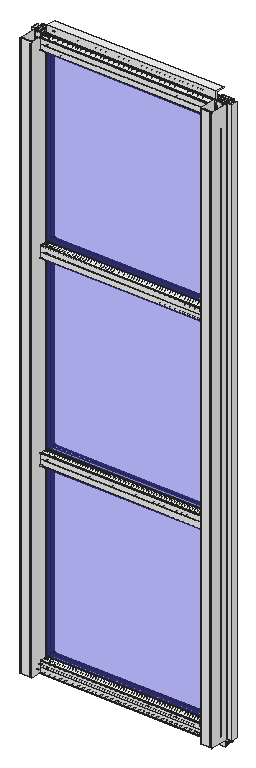
Revit family "Facade_60_Curtain_Wall_E13_Custom", category Windows, host Wall, Revit 2014
Parameters (values of type "F60-E13-Custom")
  Windload Design [instance] = if(Custom Windload < 1001 mm, 1000 mm, if(Custom Windload < 1501 mm, 1500 mm, 2000 mm))  # 1000 mm
  Width [instance] = if(Custom Curtain Wall Width < Limit Door Width Min, Limit Door Width Min, if(Custom Curtain Wall Width > Limit Door Width Max, Limit Door Width Max, Custom Curtain Wall Width))  # 1000 mm
  Wall Thickness [instance] = 200 mm
  Vertical Profile Length [instance] = Height - Frame Bottom Gap  # 2970 mm
  URL = "http://www.crealco.co.za/crealco-products.php"
  Type Comments = ""
  Thermal Resistance (R) [instance] = if(IGDB or SAGDB Number = 100100, 1.0000 (m²·K)/W / Intruderprufe U Value, if(IGDB or SAGDB Number = 100100, 1.0000 (m²·K)/W / Intruderprufe U Value, if(IGDB or SAGDB Number = 105003, 1.0000 (m²·K)/W / Intruderprufe Insulated U Value, if(IGDB or SAGDB Number = 105004, 1.0000 (m²·K)/W / Intruderprufe Insulated LowE U Value, 1.0000 (m²·K)/W / 7.9)))) * 1  # 0.126582 (m²·K)/W
  Thermal Break Material = Plastic, Opaque Black
  Solar Heat Gain Coefficient [instance] = if(IGDB or SAGDB Number = 100100, Intruderprufe SHGC Value, if(IGDB or SAGDB Number = 103200, Intruderprufe LowE SHGC Value, if(IGDB or SAGDB Number = 105003, Intruderprufe Insulated SHGC Value, if(IGDB or SAGDB Number = 105004, Intruderprufe Insulated LowE SHGC Value, 0))))  # 0
  Single Glazing [instance] = if(DG Forced, 1 = 0, not(Double Glazing))  # no
  Sill Height = 85 mm  # constant formula
  SG Forced [instance] = not(DG Forced)  # no
  Quarter Expansion Break = yes
  Overall Width [instance] = 1000 mm
  Overall Height [instance] = 3000 mm
  Mullion Configuration = 1 mm  # constant formula
  Model = "Facade 60"
  Transom Vertical Spacing [instance] = (Height - Frame Bottom Gap - (4 mm * 60)) / 3  # 910 mm
  Mid Glazing Bottom Gap [instance] = Frame Bottom Gap + 60 mm + Transom Vertical Spacing + 39.8 mm  # 1039.8 mm
  Max System DG Unit Thickness = 25 mm  # constant formula
  Max System DG One Piece Thickness [instance] = rounddown((Max System DG Unit Thickness - DG Gasket Thickness) / 2 mm) * 1 mm  # 6 mm
  Max Pane Area [instance] = Glazing Width * Glazing Height  # 0.874748 m²
  Manufacturer = "Crealco"
  Limit Door Width Min = Limit Panel Width Min + (2 * Glazing Side Gap)  # 379.6 mm
  Limit Door Width Max = Limit Panel Width Max + (2 * Glazing Side Gap)  # 3079.6 mm
  Limit Door Height Min = (3 * Limit Panel Height Min) + 69.8 mm + (2 mm * 19.6) + 39.8 mm  # 1048.8 mm
  Limit Door Height Max = (3 * Limit Panel Height Max) + 69.8 mm + (2 mm * 19.6) + 39.8 mm  # 18148.8 mm
  Limit Panel Width Min = 300 mm  # constant formula
  Limit Panel Width Max = 3000 mm  # constant formula
  Limit Panel Height Min = 300 mm  # constant formula
  Limit Panel Height Max = 6000 mm  # constant formula
  Sill Length [instance] = Width  # 1000 mm
  Length Sill [instance] = Width  # 1000 mm
  Keynote = ""
  Jamb Width = 60 mm  # constant formula
  Intruderprufe U Value = 0
  Intruderprufe SHGC Value = 0
  Intruderprufe LowE U Value = 0
  Intruderprufe LowE SHGC Value = 0
  Intruderprufe Insulated U Value = 0
  Intruderprufe Insulated SHGC Value = 0
  Intruderprufe Insulated LowE U Value = 0
  Intruderprufe Insulated LowE SHGC Value = 0
  Horizontal Profile Length [instance] = Width - (2 * Jamb Width)  # 880 mm
  Half Expansion Break = no
  Glazing Width [instance] = Horizontal Profile Length + (2 mm * 20.2)  # 920.4 mm
  Glazing Top Gap = 39.8 mm  # constant formula
  Glazing Side Gap = 39.8 mm  # constant formula
  Glazing Height [instance] = (Height - Glazing Top Gap - Glazing Bottom Gap - (2 * (60 mm - 20.2 mm - 20.2 mm))) / 3  # 950.4 mm
  Glazing Gap SG [instance] = (14 mm - SG Thickness) / 2  # 5 mm
  Glazing Gap DG [instance] = (28 mm - (DG Thickness + DG Thickness + DG Gasket Thickness)) / 2  # 4 mm
  Glazing Bottom Gap = 69.8 mm  # constant formula
  Frame Thickness = 101.8 mm  # constant formula
  Frame Bottom Gap = 30 mm  # constant formula
  Door Leaf Height [instance] = 2050 mm
  Double Glazing [instance] = yes
  DG Thickness Calc [instance] = if(not(Max Pane Area > 1.125 m²), 4 mm, if(not(Max Pane Area > 2.25 m²), 4 mm, if(not(Max Pane Area > 3.15 m²), 5 mm, if(not(Max Pane Area > 4.35 m²), 6 mm, if(not(Max Pane Area > 6.45 m²), 8 mm, 10 mm)))))  # 4 mm
  DG Thickness [instance] = if(IGDB or SAGDB Number = 105003, 6 mm, if(IGDB or SAGDB Number = 105004, 7 mm, if(DG Thickness Calc > Max System DG One Piece Thickness, Max System DG One Piece Thickness, DG Thickness Calc)))  # 4 mm
  DG Gasket Thickness = 12 mm  # constant formula
  DG Gasket Finish [instance] = Double Glazing Gasket Material
  DG Forced [instance] = if(IGDB or SAGDB Number = 100100, 1 = 0, if(IGDB or SAGDB Number = 103200, 1 = 0, if(IGDB or SAGDB Number = 105003, 1 = 1, if(IGDB or SAGDB Number = 105004, 1 = 1, Double Glazing))))  # yes
  IGDB or SAGDB Number [instance] = 0
  Height [instance] = if(Custom Curtain Wall Height < Limit Door Height Min, Limit Door Height Min, if(Custom Curtain Wall Height > Limit Door Height Max, Limit Door Height Max, Custom Curtain Wall Height))  # 3000 mm
  Heat Transfer Coefficient (U) [instance] = if(IGDB or SAGDB Number = 100100, Intruderprufe U Value, if(IGDB or SAGDB Number = 103200, Intruderprufe LowE U Value, if(IGDB or SAGDB Number = 105003, Intruderprufe Insulated U Value, if(IGDB or SAGDB Number = 105004, Intruderprufe Insulated LowE U Value, 7.9)))) * 1.0000 W/(m²·K)  # 7.9000 W/(m²·K)
  SG Thickness [instance] = if(IGDB or SAGDB Number = 100100, 6 mm, if(IGDB or SAGDB Number = 103200, 7 mm, if(not(Max Pane Area > 0.75 m²), 4 mm, if(not(Max Pane Area > 1.50 m²), 4 mm, if(not(Max Pane Area > 2.10 m²), 5 mm, if(not(Max Pane Area > 2.90 m²), 6.4 mm, if(not(Max Pane Area > 4.30 m²), 8 mm, 10 mm)))))))  # 4 mm
  Glazing Material [instance] = if(IGDB or SAGDB Number = 100100, "PFG INTRUDERPRUFE 6.38mm", if(IGDB or SAGDB Number = 103200, "PFG INTRUDERPRUFE LOW-E 7.38mm", if(IGDB or SAGDB Number = 105003, "PFG 25mm INTRUDERPRUFE INSULATED GLASS", if(IGDB or SAGDB Number = 105004, "PFG 25mm INTRUDERPRUFE INSULATED GLASS LOW-E", "Unknown"))))  # "Unknown"
  Glazing Finish [instance] = Glass
  Glazing Code [instance] = if(IGDB or SAGDB Number = 100100, "LAM01", if(IGDB or SAGDB Number = 103200, "LAM01E", if(IGDB or SAGDB Number = 105003, "IGU25", if(IGDB or SAGDB Number = 105004, "IGU25E", "Unknown"))))  # "Unknown"
  Frame Offset From Exterior [instance] = if(Centered In Wall, (Wall Thickness - Frame Thickness) / 2, Custom Offset From Exterior) + 5.9 mm  # 55 mm
  Description = "Curtain Wall, E13"
  Default Sill Height = 0 mm
  Wall Closure = By host
  Custom Curtain Wall Width [instance] = 1000 mm
  Custom Curtain Wall Height [instance] = 3000 mm
  Custom Windload [instance] = 1000 mm
  Custom Offset From Exterior [instance] = 10 mm
  Centered In Wall [instance] = yes
  Aluminium Finish [instance] = White Powder Coated Aluminium ANP 1052
  All Available Glazing Numbers [instance] = "The rows below list the available glazing materials for this window:"  # constant formula
  190mm Mullion = if(Mullion Configuration = 3 mm, 1 = 1, 1 = 0)  # no
  160mm Mullion = if(Mullion Configuration = 2 mm, 1 = 1, 1 = 0)  # no
  105004 [instance] = "IGU25E"  # constant formula
  105003 [instance] = "IGU25"  # constant formula
  103200 [instance] = "LAM01E"  # constant formula
  100mm Mullion = if(or(Mullion Configuration = 2 mm, Mullion Configuration = 3 mm), 1 = 0, 1 = 1)  # yes
  100100 [instance] = "LAM01"  # constant formula
Reference planes
  plane 1 "Center (Front/Back)": y = 0
  plane 2 "Center (Left/Right)": x = 0
  plane 3 "Left": x = -500
  plane 4 "Right": x = 500
  plane 5 "Sill": z = 0
  plane 6 "Head": z = 3000
  plane 7 "Exterior": y = 100
  plane 8 "Interior": y = -100
Lines and regions (mm)
  Opening 1
    outline origin (3507.082, -100, 0) x (1, 0, 0) y (0, 0, 1)
      loop
        line (-3007.082, 0) -> (-3007.082, 3000) -> (-4007.082, 3000) -> (-4007.082, 0) -> (-3007.082, 0)
Text (mm)
  text "EXTERIOR" at (-1963.203, 1332.353, 0), in view "Ref. Level"
  text "INTERIOR" at (-1981.466, -818.386, 0), in view "Ref. Level"
  text "Exterior" at (0, 923.751, 2943.296), in view "Right"
  text "Exterior" at (0, 1040.484, 2685.409), in view "Left"
Dimensions and locks
  equal spacing: plane 3 "Left", plane 2 "Center (Left/Right)", plane 4 "Right"
  "Width": plane 3 "Left" to plane 4 "Right"
  "Height": plane 5 "Sill" to plane 6 "Head"
  "Default Sill Height": plane 5 "Sill" to level
  locked: plane 7 "Exterior" to host wall at 0
  locked: plane 8 "Interior" to host wall
  "Overall Height": plane 6 "Head" to plane 5 "Sill"
  "Overall Width": plane 3 "Left" to plane 4 "Right"
  "Wall Thickness": host wall to host wall
  "Jamb Width": nested 3 to plane 4 "Right"
  "Jamb Width": nested 5 to plane 4 "Right"
  "Frame Bottom Gap": nested 5 to level
  "Frame Offset From Exterior": nested 1 to plane 7 "Exterior"
  "Glazing Side Gap": nested 6 to plane 4 "Right"
  "Glazing Top Gap": nested 6 to plane 6 "Head"
  "Glazing Gap SG": nested 6 to nested 1
  "Glazing Side Gap": nested 7 to plane 4 "Right"
  "Glazing Top Gap": nested 7 to plane 6 "Head"
  "Glazing Gap DG": nested 7 to nested 1
  "Jamb Width": nested 8 to plane 4 "Right"
  "Glazing Side Gap": nested 9 to plane 4 "Right"
  "Glazing Side Gap": nested 10 to plane 4 "Right"
  "Glazing Gap SG": nested 10 to nested 1
  "Glazing Gap DG": nested 9 to nested 1
  "Glazing Bottom Gap": nested 9 to level
  "Glazing Bottom Gap": nested 10 to level
  locked: nested 1 to nested 5 at 8.887
  "Transom Vertical Spacing": nested 8 to nested 5
  "Jamb Width": nested 11 to plane 4 "Right"
  "Transom Vertical Spacing": nested 11 to nested 8
  "Glazing Side Gap": nested 12 to plane 4 "Right"
  "Glazing Side Gap": nested 13 to plane 4 "Right"
  "Glazing Gap SG": nested 13 to nested 1
  "Glazing Gap DG": nested 12 to nested 1
  "Mid Glazing Bottom Gap": nested 12 to level
  "Mid Glazing Bottom Gap": nested 13 to level
  aligned and locked: plane 4 "Right" to nested 1
  aligned and locked: nested 1 to plane 6 "Head"
  aligned and locked: plane 3 "Left" to nested 2
  aligned and locked: plane 6 "Head" to nested 2
  aligned and locked: nested 3 to plane 6 "Head"
  aligned and locked: nested 1 to nested 3
  aligned and locked: nested 4 to level
  aligned and locked: plane 4 "Right" to nested 4
  aligned and locked: nested 1 to nested 2
  aligned and locked: nested 5 to nested 4
  aligned and locked: nested 8 to nested 3
  aligned and locked: nested 11 to nested 3
Automatic sketch dimensions
  plane 3 "Left" to Opening 1 sketch curve = 0 mm
  plane 4 "Right" to Opening 1 sketch curve = 0 mm
  Opening 1 sketch curve to plane 5 "Sill" = 0 mm
  Opening 1 sketch curve to plane 6 "Head" = 0 mm
Nested families
  nested 1: "F60 Vertical Profile Side_E13_Cust" at (500, -1.058, 30) x (-1, 0, 0) z (0, 0, 1), Thermal Break Material <- "Thermal Break Material", Profile Material <- "Aluminium Finish", Length <- "Vertical Profile Length", Single Glazing <- "SG Forced", Double Glazing <- "DG Forced", 100mm Mullion <- "100mm Mullion", 160mm Mullion <- "160mm Mullion", 190mm Mullion <- "190mm Mullion", Quarter Expansion Break <- "Quarter Expansion Break", Half Expansion Break <- "Half Expansion Break", type "F60 Vertical Profile Side_E13_Cust"
    with Thermal Break Material Plastic, Opaque Black, Single Glazing no, Quarter SG Expansion Break no, Quarter Length 742.5 mm, Quarter Expansion Break yes, Quarter DG Expansion Break yes, Quarter 190mm Expansion Break no, Quarter 160mm Expansion Break no, Quarter 100mm Expansion Break yes, Profile Material White Powder Coated Aluminium ANP 1052, Length 2970 mm, Half SG Expansion Break no, Half Length 1485 mm, Half Expansion Break no, Half DG Expansion Break no, Half 190mm Expansion Joint no, Half 160mm Expansion Break no, Half 100mm Expansion Break no, Double Glazing yes, 190mm Mullion no, 160mm Mullion no, 100mm Mullion yes
  nested 2: "F60 Vertical Profile Side_E13_Cust" at (-500, -1.058, 30), Thermal Break Material <- "Thermal Break Material", Profile Material <- "Aluminium Finish", Length <- "Vertical Profile Length", Single Glazing <- "SG Forced", Double Glazing <- "DG Forced", 100mm Mullion <- "100mm Mullion", 160mm Mullion <- "160mm Mullion", 190mm Mullion <- "190mm Mullion", Quarter Expansion Break <- "Quarter Expansion Break", Half Expansion Break <- "Half Expansion Break", type "F60 Vertical Profile Side_E13_Cust"
    with Thermal Break Material Plastic, Opaque Black, Single Glazing no, Quarter SG Expansion Break no, Quarter Length 742.5 mm, Quarter Expansion Break yes, Quarter DG Expansion Break yes, Quarter 190mm Expansion Break no, Quarter 160mm Expansion Break no, Quarter 100mm Expansion Break yes, Profile Material White Powder Coated Aluminium ANP 1052, Length 2970 mm, Half SG Expansion Break no, Half Length 1485 mm, Half Expansion Break no, Half DG Expansion Break no, Half 190mm Expansion Joint no, Half 160mm Expansion Break no, Half 100mm Expansion Break no, Double Glazing yes, 190mm Mullion no, 160mm Mullion no, 100mm Mullion yes
  nested 3: "F60 Horizontal Profile Top_E13_Cust" at (440, -50.858, 2940) x (-1, 0, 0) z (0, 0, 1), Thermal Break Material <- "Thermal Break Material", Profile Material <- "Aluminium Finish", Length <- "Horizontal Profile Length", Single Glazing <- "SG Forced", Double Glazing <- "DG Forced", type "F60 Horizontal Profile Top_E13_Cust"
    with Thermal Break Material Plastic, Opaque Black, Single Glazing no, Profile Material White Powder Coated Aluminium ANP 1052, Length 880 mm, Double Glazing yes
  nested 4: "F60 Sill_E13_Cust" at (500, -13.486, -1.88) x (-1, 0, 0) z (0, 0, 1), Profile Material <- "Aluminium Finish", Length Sill <- "Length Sill", type "F60 Sill_E13_Cust"
    with Profile Material White Powder Coated Aluminium ANP 1052, Length Sill 1000 mm
  nested 5: "F60 Horizontal Profile Bottom_E13_Cust" at (440, -50.858, 30) x (-1, 0, 0) z (0, 0, 1), Thermal Break Material <- "Thermal Break Material", Profile Material <- "Aluminium Finish", Length <- "Horizontal Profile Length", Single Glazing <- "SG Forced", Double Glazing <- "DG Forced", type "F60 Horizontal Profile Bottom_E13_Cust"
    with Thermal Break Material Plastic, Opaque Black, Single Glazing no, Profile Material White Powder Coated Aluminium ANP 1052, Length 880 mm, Double Glazing yes
  nested 6: "F60_Single_Glazing_E13_Cust" at (460.2, 7.942, 2009.8), Glazing Width <- "Glazing Width", Glazing Height <- "Glazing Height", SG Thickness <- "SG Thickness", Glazing Finish <- "Glazing Finish", visible <- "SG Forced", type "F60_Single_Glazing_E13_Cust"
    with SG Thickness 4 mm, Glazing Width 920.4 mm, Glazing Height 950.4 mm, Glazing Finish Glass
  nested 7: "F60_Double_Glazing_E13_Cust" at (460.2, 22.942, 2009.8), Glazing Material <- "Glazing Finish", Double Glazing Gasket Material <- "DG Gasket Finish", Glazing Width <- "Glazing Width", Glazing Height <- "Glazing Height", Glazing Thickness DG <- "DG Thickness", Double Glazing Gasket Thickness <- "DG Gasket Thickness", visible <- "DG Forced", type "F60_Double_Glazing_E13_Cust"
    with Glazing Width 920.4 mm, Glazing Thickness DG 4 mm, Glazing Material Glass, Glazing Height 950.4 mm, Double Glazing Gasket Thickness 12 mm, Double Glazing Gasket Material Double Glazing Gasket Material
  nested 8: "F60 Horizontal Profile Middle_E13_Cust" at (440, -50.858, 1000) x (-1, 0, 0) z (0, 0, 1), Thermal Break Material <- "Thermal Break Material", Profile Material <- "Aluminium Finish", Length <- "Horizontal Profile Length", Single Glazing <- "SG Forced", Double Glazing <- "DG Forced", type "F60 Horizontal Profile Middle_E13_Cust"
    with Thermal Break Material Plastic, Opaque Black, Single Glazing no, Profile Material White Powder Coated Aluminium ANP 1052, Length 880 mm, Double Glazing yes
  nested 9: "F60_Double_Glazing_E13_Cust" at (460.2, 22.942, 69.8), Glazing Material <- "Glazing Finish", Double Glazing Gasket Material <- "DG Gasket Finish", Glazing Width <- "Glazing Width", Glazing Height <- "Glazing Height", Glazing Thickness DG <- "DG Thickness", Double Glazing Gasket Thickness <- "DG Gasket Thickness", visible <- "DG Forced", type "F60_Double_Glazing_E13_Cust"
    with Glazing Width 920.4 mm, Glazing Thickness DG 4 mm, Glazing Material Glass, Glazing Height 950.4 mm, Double Glazing Gasket Thickness 12 mm, Double Glazing Gasket Material Double Glazing Gasket Material
  nested 10: "F60_Single_Glazing_E13_Cust" at (460.2, 7.942, 69.8), Glazing Width <- "Glazing Width", Glazing Height <- "Glazing Height", SG Thickness <- "SG Thickness", Glazing Finish <- "Glazing Finish", visible <- "SG Forced", type "F60_Single_Glazing_E13_Cust"
    with SG Thickness 4 mm, Glazing Width 920.4 mm, Glazing Height 950.4 mm, Glazing Finish Glass
  nested 11: "F60 Horizontal Profile Middle_E13_Cust" at (440, -50.858, 1970) x (-1, 0, 0) z (0, 0, 1), Thermal Break Material <- "Thermal Break Material", Profile Material <- "Aluminium Finish", Length <- "Horizontal Profile Length", Single Glazing <- "SG Forced", Double Glazing <- "DG Forced", type "F60 Horizontal Profile Middle_E13_Cust"
    with Thermal Break Material Plastic, Opaque Black, Single Glazing no, Profile Material White Powder Coated Aluminium ANP 1052, Length 880 mm, Double Glazing yes
  nested 12: "F60_Double_Glazing_E13_Cust" at (460.2, 22.942, 1039.8), Glazing Material <- "Glazing Finish", Double Glazing Gasket Material <- "DG Gasket Finish", Glazing Width <- "Glazing Width", Glazing Height <- "Glazing Height", Glazing Thickness DG <- "DG Thickness", Double Glazing Gasket Thickness <- "DG Gasket Thickness", visible <- "DG Forced", type "F60_Double_Glazing_E13_Cust"
    with Glazing Width 920.4 mm, Glazing Thickness DG 4 mm, Glazing Material Glass, Glazing Height 950.4 mm, Double Glazing Gasket Thickness 12 mm, Double Glazing Gasket Material Double Glazing Gasket Material
  nested 13: "F60_Single_Glazing_E13_Cust" at (460.2, 7.942, 1039.8), Glazing Width <- "Glazing Width", Glazing Height <- "Glazing Height", SG Thickness <- "SG Thickness", Glazing Finish <- "Glazing Finish", visible <- "SG Forced", type "F60_Single_Glazing_E13_Cust"
    with SG Thickness 4 mm, Glazing Width 920.4 mm, Glazing Height 950.4 mm, Glazing Finish Glass
Definition of nested family "F60 Vertical Profile Side_E13_Cust"
  Parameters (values of type "F60 Vertical Profile Side")
    Quarter SG Expansion Break [instance] = if(and(Quarter Expansion Break, Single Glazing), 1 = 1, 1 = 0)  # yes
    Quarter Length [instance] = Length / 4  # 62.5 mm
    Thermal Break Material [instance] = none
    Single Glazing [instance] = yes
    Quarter Expansion Break [instance] = yes
    Quarter DG Expansion Break [instance] = if(and(Quarter Expansion Break, Double Glazing), 1 = 1, 1 = 0)  # yes
    Quarter 190mm Expansion Break [instance] = if(and(Quarter Expansion Break, [190mm Mullion]), 1 = 1, 1 = 0)  # yes
    Quarter 160mm Expansion Break [instance] = if(and(Quarter Expansion Break, [160mm Mullion]), 1 = 1, 1 = 0)  # yes
    Quarter 100mm Expansion Break [instance] = if(and(Quarter Expansion Break, [100mm Mullion]), 1 = 1, 1 = 0)  # yes
    Profile Material [instance] = none
    Length [instance] = 250 mm
    Half SG Expansion Break [instance] = if(and(Half Expansion Break, Single Glazing), 1 = 1, 1 = 0)  # yes
    Half Length [instance] = Length / 2  # 125 mm
    Half Expansion Break [instance] = yes
    Half DG Expansion Break [instance] = if(and(Half Expansion Break, Double Glazing), 1 = 1, 1 = 0)  # yes
    Half 190mm Expansion Joint [instance] = if(and(Half Expansion Break, [190mm Mullion]), 1 = 1, 1 = 0)  # yes
    Half 160mm Expansion Break [instance] = if(and(Half Expansion Break, [160mm Mullion]), 1 = 1, 1 = 0)  # yes
    Half 100mm Expansion Break [instance] = if(and(Half Expansion Break, [100mm Mullion]), 1 = 1, 1 = 0)  # yes
    Double Glazing [instance] = yes
    190mm Mullion [instance] = yes
    160mm Mullion [instance] = yes
    100mm Mullion [instance] = yes
  Reference planes
    plane 1 "Center (Front/Back)": y = 0
    plane 2: z = 0
    plane 3 "Center (Left/Right)": x = 0
  Forms (mm)
    Extrusion 1, solid, material <- "Profile Material"
      sketch origin (0, 0, 0) x (1, 0, 0) y (0, 1, 0)
        loop
          arc (25.249, -8.7) -> (25.484, -9.266) -> (26.049, -9.5) r 0.8
          line (26.049, -9.5) -> (27.1, -9.5) -> (27.1, 7) -> (32.902, 7) -> (32.902, -9.5) -> (33.951, -9.5)
          arc (33.951, -9.5) -> (34.516, -9.266) -> (34.751, -8.7) r 0.8
          line (34.751, -8.7) -> (34.751, 6.2)
          arc (34.751, 6.2) -> (34.985, 6.766) -> (35.551, 7) r 0.8
          line (35.551, 7) -> (52.1, 7) -> (52.1, 5.4) -> (50.55, 5.4) -> (50.55, 4.55)
          arc (50.55, 4.55) -> (50.726, 4.126) -> (51.15, 3.95) r 0.6
          line (51.15, 3.95) -> (52.1, 3.95) -> (52.1, 1)
          arc (52.1, 1) -> (51.6, 0.5) -> (52.1, 0) r 0.5
          line (52.1, 0) -> (54.45, 0) -> (54.45, 1.15) -> (53.3, 1.15) -> (53.3, 2.45) -> (58.8, 2.45) -> (58.8, 1.15) -> (57.65, 1.15) -> (57.65, 0) -> (59.5, 0)
          arc (59.5, 0) -> (59.854, 0.146) -> (60, 0.5) r 0.5
          line (60, 0.5) -> (60, 3.9) -> (53.55, 3.9) -> (53.55, 7.6)
          arc (53.55, 7.6) -> (53.316, 8.166) -> (52.75, 8.4) r 0.8
          line (52.75, 8.4) -> (30, 8.4) -> (7.25, 8.4)
          arc (7.25, 8.4) -> (6.684, 8.166) -> (6.45, 7.6) r 0.8
          line (6.45, 7.6) -> (6.45, 3.9) -> (0, 3.9) -> (0, 0.5)
          arc (0, 0.5) -> (0.146, 0.146) -> (0.5, 0) r 0.5
          line (0.5, 0) -> (2.35, 0) -> (2.35, 1.15) -> (1.2, 1.15) -> (1.2, 2.45) -> (6.7, 2.45) -> (6.7, 1.15) -> (5.55, 1.15) -> (5.55, 0) -> (7.9, 0)
          arc (7.9, 0) -> (8.4, 0.5) -> (7.9, 1) r 0.5
          line (7.9, 1) -> (7.9, 3.95) -> (8.85, 3.95)
          arc (8.85, 3.95) -> (9.274, 4.126) -> (9.45, 4.55) r 0.6
          line (9.45, 4.55) -> (9.45, 5.4) -> (7.9, 5.4) -> (7.9, 7) -> (24.449, 7)
          arc (24.449, 7) -> (25.015, 6.766) -> (25.249, 6.2) r 0.8
          line (25.249, 6.2) -> (25.249, -8.7)
      from 0 to 250 <- "Length"
    Extrusion 2, solid, material <- "Thermal Break Material"
      sketch origin (0, 0, 0) x (1, 0, 0) y (0, 1, 0)
        loop
          line (1.75, 9.8) -> (1.75, 5.2) -> (0, 5.2) -> (0, 3.9) -> (6.35, 3.9) -> (6.35, 7.856)
          arc (6.35, 7.856) -> (6.526, 8.281) -> (6.95, 8.456) r 0.6
          line (6.95, 8.456) -> (30, 8.456) -> (53.05, 8.456)
          arc (53.05, 8.456) -> (53.474, 8.281) -> (53.65, 7.856) r 0.6
          line (53.65, 7.856) -> (53.65, 3.9) -> (60, 3.9) -> (60, 5.2) -> (58.25, 5.2) -> (58.25, 9.8) -> (30, 9.8) -> (1.75, 9.8)
      from 0 to 250 <- "Length"
    Extrusion 3, solid, material <- "Thermal Break Material", visible <- "Single Glazing"
      sketch origin (0, 0, 0) x (1, 0, 0) y (0, 1, 0)
        loop
          line (25.749, -14.011) -> (27.672, -14.011) -> (28.481, -12.611) -> (31.518, -12.611) -> (32.327, -14.011) -> (34.249, -14.011)
          arc (34.249, -14.011) -> (34.603, -13.864) -> (34.749, -13.511) r 0.5
          line (34.749, -13.511) -> (34.749, -10.011)
          arc (34.749, -10.011) -> (34.603, -9.657) -> (34.249, -9.511) r 0.5
          line (34.249, -9.511) -> (32.352, -9.511) -> (32.352, 0.19) -> (31.349, 2.261)
          arc (31.349, 2.261) -> (29.999, 2.986) -> (28.649, 2.261) r 1.62
          line (28.649, 2.261) -> (27.647, 0.19) -> (27.647, -9.511) -> (25.749, -9.511)
          arc (25.749, -9.511) -> (25.396, -9.657) -> (25.249, -10.011) r 0.5
          line (25.249, -10.011) -> (25.249, -13.511)
          arc (25.249, -13.511) -> (25.396, -13.864) -> (25.749, -14.011) r 0.5
        loop
          line (28.504, -10.005) -> (28.504, -10.861)
          arc (28.504, -10.861) -> (28.651, -11.214) -> (29.004, -11.361) r 0.5
          line (29.004, -11.361) -> (30.994, -11.361)
          arc (30.994, -11.361) -> (31.348, -11.214) -> (31.494, -10.861) r 0.5
          line (31.494, -10.861) -> (31.494, -10.005) -> (30.708, -9.219)
          arc (30.708, -9.219) -> (30.383, -9.001) -> (29.999, -8.924) r 1.007
          arc (29.999, -8.924) -> (29.616, -8.999) -> (29.292, -9.217) r 0.986
          line (29.292, -9.217) -> (28.504, -10.005)
        loop
          arc (30.896, 1.935) -> (29.887, 2.44) -> (29.005, 1.735) r 1.047
          line (29.005, 1.735) -> (28.347, 0.374) -> (28.347, -6.993)
          arc (28.347, -6.993) -> (28.583, -7.417) -> (29.068, -7.441) r 0.5
          arc (29.068, -7.441) -> (29.999, -7.223) -> (30.93, -7.441) r 2.099
          arc (30.93, -7.441) -> (31.416, -7.417) -> (31.652, -6.993) r 0.5
          line (31.652, -6.993) -> (31.652, 0.374) -> (30.896, 1.935)
      from 0 to 250 <- "Length"
    Extrusion 4, solid, material <- "Profile Material", visible <- "Single Glazing"
      sketch origin (0, 0, 0) x (1, 0, 0) y (0, 1, 0)
        loop
          line (52.693, -14.011) -> (32.327, -14.011) -> (31.519, -12.611) -> (28.481, -12.611) -> (27.673, -14.011) -> (7.307, -14.011) -> (7.307, -15.011) -> (8.457, -15.011) -> (8.457, -16.261) -> (2.957, -16.261) -> (2.957, -15.011) -> (4.107, -15.011) -> (4.107, -14.011) -> (1.707, -14.011)
          arc (1.707, -14.011) -> (1.199, -14.293) -> (1.168, -14.873) r 0.6
          line (1.168, -14.873) -> (2.093, -16.772) -> (1.015, -17.298) -> (1.484, -18.261) -> (11.488, -18.261)
          arc (11.488, -18.261) -> (11.913, -18.085) -> (12.088, -17.661) r 0.6
          line (12.088, -17.661) -> (12.088, -16.811) -> (47.912, -16.811) -> (47.912, -17.661)
          arc (47.912, -17.661) -> (48.088, -18.085) -> (48.512, -18.261) r 0.6
          line (48.512, -18.261) -> (58.518, -18.261) -> (58.987, -17.298) -> (57.908, -16.772) -> (58.834, -14.874)
          arc (58.834, -14.874) -> (58.802, -14.293) -> (58.293, -14.011) r 0.6
          line (58.293, -14.011) -> (55.893, -14.011) -> (55.893, -15.011) -> (57.043, -15.011) -> (57.043, -16.261) -> (51.543, -16.261) -> (51.543, -15.011) -> (52.693, -15.011) -> (52.693, -14.011)
      from 0 to 250 <- "Length"
    Extrusion 5, solid, material <- "Profile Material", visible <- "Single Glazing"
      sketch origin (0, 0, 0) x (1, 0, 0) y (0, 1, 0)
        loop
          line (2.801, -18.261) -> (1.484, -18.261) -> (1.015, -17.298) -> (2.093, -16.772) -> (0.779, -14.076)
          arc (0.779, -14.076) -> (0.239, -14.21) -> (0.001, -14.713) r 0.65
          line (0.001, -14.713) -> (0.001, -28.068)
          arc (0.001, -28.068) -> (1.172, -30.897) -> (4.001, -32.068) r 4
          line (4.001, -32.068) -> (30.001, -32.068) -> (56.001, -32.068)
          arc (56.001, -32.068) -> (58.829, -30.897) -> (60.001, -28.068) r 4
          line (60.001, -28.068) -> (60.001, -14.713)
          arc (60.001, -14.713) -> (59.763, -14.21) -> (59.223, -14.076) r 0.65
          line (59.223, -14.076) -> (57.908, -16.772) -> (58.987, -17.298) -> (58.518, -18.261) -> (57.201, -18.261)
          arc (57.201, -18.261) -> (56.83, -18.425) -> (56.703, -18.811) r 0.5
          arc (56.703, -18.811) -> (56.83, -19.196) -> (57.201, -19.361) r 0.5
          line (57.201, -19.361) -> (58.951, -19.361) -> (58.951, -27.968)
          arc (58.951, -27.968) -> (58.131, -29.948) -> (56.151, -30.768) r 2.8
          line (56.151, -30.768) -> (30.001, -30.768) -> (3.851, -30.768)
          arc (3.851, -30.768) -> (1.871, -29.948) -> (1.051, -27.968) r 2.8
          line (1.051, -27.968) -> (1.051, -19.361) -> (2.801, -19.361)
          arc (2.801, -19.361) -> (3.172, -19.196) -> (3.298, -18.811) r 0.5
          arc (3.298, -18.811) -> (3.172, -18.425) -> (2.801, -18.261) r 0.5
      from 0 to 250 <- "Length"
    Extrusion 6, solid, material <- "Profile Material", visible <- "100mm Mullion"
      sketch origin (0, 0, 0) x (1, 0, 0) y (0, 1, 0)
        loop
          line (14.02, 13) -> (45.98, 13)
          arc (45.98, 13) -> (46.539, 12.842) -> (46.917, 12.4) r 1
          arc (46.917, 12.4) -> (47.285, 11.963) -> (47.833, 11.8) r 1
          line (47.833, 11.8) -> (58.15, 11.8) -> (58.15, 96.3) -> (47.833, 96.3)
          arc (47.833, 96.3) -> (47.285, 96.137) -> (46.917, 95.7) r 1
          arc (46.917, 95.7) -> (46.548, 95.263) -> (46, 95.1) r 1
          line (46, 95.1) -> (14, 95.1)
          arc (14, 95.1) -> (13.452, 95.263) -> (13.083, 95.7) r 1
          arc (13.083, 95.7) -> (12.715, 96.137) -> (12.167, 96.3) r 1
          line (12.167, 96.3) -> (1.85, 96.3) -> (1.85, 11.8) -> (12.167, 11.8)
          arc (12.167, 11.8) -> (12.715, 11.963) -> (13.083, 12.4) r 1
          arc (13.083, 12.4) -> (13.461, 12.842) -> (14.02, 13) r 1
        loop
          line (1.65, 9.856) -> (58.35, 9.856) -> (58.35, 5.2) -> (60, 5.2) -> (60, 98.8)
          arc (60, 98.8) -> (59.707, 99.507) -> (59, 99.8) r 1
          line (59, 99.8) -> (1, 99.8)
          arc (1, 99.8) -> (0.293, 99.507) -> (0, 98.8) r 1
          line (0, 98.8) -> (0, 5.2) -> (1.65, 5.2) -> (1.65, 9.856)
      from 0 to 250 <- "Length"
    Extrusion 7, solid, material <- "Profile Material", visible <- "160mm Mullion"
      sketch origin (0, 0, 0) x (1, 0, 0) y (0, 1, 0)
        loop
          arc (2.35, 15.6) -> (2.526, 15.176) -> (2.95, 15) r 0.6
          line (2.95, 15) -> (57.05, 15)
          arc (57.05, 15) -> (57.474, 15.176) -> (57.65, 15.6) r 0.6
          line (57.65, 15.6) -> (57.65, 153.7)
          arc (57.65, 153.7) -> (57.474, 154.124) -> (57.05, 154.3) r 0.6
          line (57.05, 154.3) -> (47.833, 154.3)
          arc (47.833, 154.3) -> (47.285, 154.137) -> (46.917, 153.7) r 1
          arc (46.917, 153.7) -> (46.548, 153.263) -> (46, 153.1) r 1
          line (46, 153.1) -> (14, 153.1)
          arc (14, 153.1) -> (13.452, 153.263) -> (13.083, 153.7) r 1
          arc (13.083, 153.7) -> (12.715, 154.137) -> (12.167, 154.3) r 1
          line (12.167, 154.3) -> (2.95, 154.3)
          arc (2.95, 154.3) -> (2.526, 154.124) -> (2.35, 153.7) r 0.6
          line (2.35, 153.7) -> (2.35, 15.6)
        loop
          arc (1, 159.8) -> (0.293, 159.507) -> (0, 158.8) r 1
          line (0, 158.8) -> (0, 5.2) -> (1.65, 5.2) -> (1.65, 10.013) -> (58.35, 10.013) -> (58.35, 5.2) -> (60, 5.2) -> (60, 158.8)
          arc (60, 158.8) -> (59.707, 159.507) -> (59, 159.8) r 1
          line (59, 159.8) -> (1, 159.8)
      from 0 to 250 <- "Length"
    Extrusion 8, solid, material <- "Profile Material", visible <- "190mm Mullion"
      sketch origin (0, 0, 0) x (1, 0, 0) y (0, 1, 0)
        loop
          line (57.25, 15.1) -> (57.25, 178.3)
          arc (57.25, 178.3) -> (56.957, 179.007) -> (56.25, 179.3) r 1
          line (56.25, 179.3) -> (3.75, 179.3)
          arc (3.75, 179.3) -> (3.043, 179.007) -> (2.75, 178.3) r 1
          line (2.75, 178.3) -> (2.75, 15.1)
          arc (2.75, 15.1) -> (2.984, 14.534) -> (3.55, 14.3) r 0.8
          line (3.55, 14.3) -> (56.45, 14.3)
          arc (56.45, 14.3) -> (57.016, 14.534) -> (57.25, 15.1) r 0.8
        loop
          line (60, 5.2) -> (60, 188.8)
          arc (60, 188.8) -> (59.707, 189.507) -> (59, 189.8) r 1
          line (59, 189.8) -> (1, 189.8)
          arc (1, 189.8) -> (0.293, 189.507) -> (0, 188.8) r 1
          line (0, 188.8) -> (0, 5.2) -> (1.65, 5.2) -> (1.65, 9.856) -> (58.35, 9.856) -> (58.35, 5.2) -> (60, 5.2)
      from 0 to 250 <- "Length"
    Extrusion 9, solid, material <- "Thermal Break Material", visible <- "Double Glazing"
      sketch origin (0, 0, 0) x (1, 0, 0) y (0, 1, 0)
        loop
          line (27.672, -28) -> (28.48, -26.6) -> (31.518, -26.6) -> (32.326, -28) -> (34.249, -28)
          arc (34.249, -28) -> (34.603, -27.854) -> (34.749, -27.5) r 0.5
          line (34.749, -27.5) -> (34.749, -10)
          arc (34.749, -10) -> (34.603, -9.646) -> (34.249, -9.5) r 0.5
          line (34.249, -9.5) -> (32.352, -9.5) -> (32.352, 0.198) -> (31.348, 2.272)
          arc (31.348, 2.272) -> (29.998, 2.997) -> (28.648, 2.272) r 1.62
          line (28.648, 2.272) -> (27.645, 0.201) -> (27.645, -9.5) -> (25.749, -9.5)
          arc (25.749, -9.5) -> (25.396, -9.646) -> (25.249, -10) r 0.5
          line (25.249, -10) -> (25.249, -27.5)
          arc (25.249, -27.5) -> (25.396, -27.854) -> (25.749, -28) r 0.5
          line (25.749, -28) -> (27.672, -28)
        loop
          arc (30.706, -9.206) -> (30.382, -8.99) -> (29.999, -8.913) r 1.007
          arc (29.999, -8.913) -> (29.616, -8.988) -> (29.292, -9.206) r 0.986
          line (29.292, -9.206) -> (27.142, -11.356)
          arc (27.142, -11.356) -> (26.926, -11.68) -> (26.849, -12.063) r 1
          line (26.849, -12.063) -> (26.849, -24)
          arc (26.849, -24) -> (27.142, -24.707) -> (27.849, -25) r 1
          line (27.849, -25) -> (32.149, -25)
          arc (32.149, -25) -> (32.856, -24.707) -> (33.149, -24) r 1
          line (33.149, -24) -> (33.149, -12.063)
          arc (33.149, -12.063) -> (33.073, -11.68) -> (32.856, -11.356) r 1
          line (32.856, -11.356) -> (30.706, -9.206)
        loop
          arc (28.345, -6.982) -> (28.581, -7.407) -> (29.067, -7.43) r 0.5
          arc (29.067, -7.43) -> (29.998, -7.213) -> (30.929, -7.43) r 2.099
          arc (30.929, -7.43) -> (31.414, -7.407) -> (31.651, -6.982) r 0.5
          line (31.651, -6.982) -> (31.651, 0.385) -> (30.895, 1.946)
          arc (30.895, 1.946) -> (29.885, 2.45) -> (29.004, 1.745) r 1.047
          line (29.004, 1.745) -> (28.345, 0.385) -> (28.345, -6.982)
      from 0 to 250 <- "Length"
    Extrusion 10, solid, material <- "Profile Material", visible <- "Double Glazing"
      sketch origin (0, 0, 0) x (1, 0, 0) y (0, 1, 0)
        loop
          line (52.692, -28) -> (32.327, -28) -> (31.518, -26.6) -> (28.48, -26.6) -> (27.672, -28) -> (7.306, -28) -> (7.306, -29) -> (8.456, -29) -> (8.456, -30.25) -> (2.956, -30.25) -> (2.956, -29) -> (4.106, -29) -> (4.106, -28) -> (1.706, -28)
          arc (1.706, -28) -> (1.198, -28.282) -> (1.167, -28.863) r 0.6
          line (1.167, -28.863) -> (2.093, -30.762) -> (1.014, -31.288) -> (1.483, -32.25) -> (11.488, -32.25)
          arc (11.488, -32.25) -> (11.912, -32.074) -> (12.088, -31.65) r 0.6
          line (12.088, -31.65) -> (12.088, -30.8) -> (47.911, -30.8) -> (47.911, -31.65)
          arc (47.911, -31.65) -> (48.087, -32.074) -> (48.511, -32.25) r 0.6
          line (48.511, -32.25) -> (58.517, -32.25) -> (58.986, -31.288) -> (57.907, -30.762) -> (58.833, -28.864)
          arc (58.833, -28.864) -> (58.801, -28.282) -> (58.292, -28) r 0.6
          line (58.292, -28) -> (55.892, -28) -> (55.892, -29) -> (57.042, -29) -> (57.042, -30.25) -> (51.542, -30.25) -> (51.542, -29) -> (52.692, -29) -> (52.692, -28)
      from 0 to 250 <- "Length"
    Extrusion 11, solid, material <- "Profile Material", visible <- "Double Glazing"
      sketch origin (0, 0, 0) x (1, 0, 0) y (0, 1, 0)
        loop
          line (2.8, -32.25) -> (1.483, -32.25) -> (1.014, -31.288) -> (2.093, -30.762) -> (0.778, -28.065)
          arc (0.778, -28.065) -> (0.238, -28.2) -> (0, -28.702) r 0.65
          line (0, -28.702) -> (0, -42.058)
          arc (0, -42.058) -> (1.172, -44.886) -> (4, -46.058) r 4
          line (4, -46.058) -> (30, -46.058) -> (56, -46.058)
          arc (56, -46.058) -> (58.828, -44.886) -> (60, -42.058) r 4
          line (60, -42.058) -> (60, -28.702)
          arc (60, -28.702) -> (59.762, -28.2) -> (59.222, -28.065) r 0.65
          line (59.222, -28.065) -> (57.907, -30.762) -> (58.986, -31.288) -> (58.517, -32.25) -> (57.2, -32.25)
          arc (57.2, -32.25) -> (56.829, -32.415) -> (56.703, -32.8) r 0.5
          arc (56.703, -32.8) -> (56.829, -33.185) -> (57.2, -33.35) r 0.5
          line (57.2, -33.35) -> (58.95, -33.35) -> (58.95, -41.958)
          arc (58.95, -41.958) -> (58.13, -43.938) -> (56.15, -44.758) r 2.8
          line (56.15, -44.758) -> (30, -44.758) -> (3.85, -44.758)
          arc (3.85, -44.758) -> (1.87, -43.938) -> (1.05, -41.958) r 2.8
          line (1.05, -41.958) -> (1.05, -33.35) -> (2.8, -33.35)
          arc (2.8, -33.35) -> (3.171, -33.185) -> (3.297, -32.8) r 0.5
          arc (3.297, -32.8) -> (3.171, -32.415) -> (2.8, -32.25) r 0.5
      from 0 to 250 <- "Length"
    Extrusion 12, solid, material <- "Profile Material", visible <- "Single Glazing"
      sketch origin (0, 0, 0) x (1, 0, 0) y (0, 1, 0)
        loop
          line (10.403, -10.171) -> (10.403, -3.821) -> (-21.349, -3.821) -> (-21.349, -35.567) -> (-14.999, -35.567) -> (-14.999, -10.171) -> (10.403, -10.171)
      from 0 to 250 <- "Length"
    Extrusion 13, solid, material <- "Profile Material", visible <- "Double Glazing"
      sketch origin (0, 0, 0) x (1, 0, 0) y (0, 1, 0)
        loop
          line (10.402, -7.775) -> (10.402, -1.425) -> (-21.35, -1.425) -> (-21.35, -33.172) -> (-15, -33.172) -> (-15, -7.775) -> (10.402, -7.775)
      from 0 to 250 <- "Length"
    Extrusion 14, solid, material <- "Profile Material", visible <- "Double Glazing"
      sketch origin (0, 0, 0) x (1, 0, 0) y (0, 1, 0)
        loop
          line (12, -7.775) -> (0, -7.775) -> (0, -25.775) -> (12, -25.775) -> (12, -7.775)
        loop
          line (10.8, -8.975) -> (1.2, -8.975) -> (1.2, -24.575) -> (10.8, -24.575) -> (10.8, -8.975)
      from 0 to 250 <- "Length"
  Lines and regions (mm)
    model lines, style "GenericModelHiddenLines", visible <- "Half 100mm Expansion Break"
      curve 1: line (60, 5.2, 125) -> (60, 95.2, 125)
      curve 2: line (60, 99.8, 125) -> (0, 99.8, 125)
      curve 8: line (0, 5.2, 125) -> (0, 95.2, 125)
    model lines, style "GenericModelHiddenLines", visible <- "Quarter 100mm Expansion Break"
      curve 3: line (60, 5.2, 187.5) -> (60, 95.2, 187.5)
      curve 4: line (60, 5.2, 62.5) -> (60, 95.2, 62.5)
      curve 5: line (60, 99.8, 62.5) -> (0, 99.8, 62.5)
      curve 6: line (60, 99.8, 187.5) -> (0, 99.8, 187.5)
      curve 7: line (0, 5.2, 187.5) -> (0, 95.2, 187.5)
      curve 9: line (0, 5.2, 62.5) -> (0, 95.2, 62.5)
    model lines, style "GenericModelHiddenLines", visible <- "Half SG Expansion Break"
      curve 10: line (4.107, -32.068, 125) -> (55.893, -32.068, 125)
      curve 14: line (60.001, -14.011, 125) -> (60.001, -32.068, 125)
    model lines, style "GenericModelHiddenLines", visible <- "Quarter SG Expansion Break"
      curve 11: line (4.107, -32.068, 187.5) -> (56.703, -32.068, 187.5)
      curve 12: line (4.107, -32.068, 62.5) -> (56.703, -32.068, 62.5)
      curve 13: line (60.001, -14.011, 187.5) -> (60.001, -32.068, 187.5)
      curve 15: line (60.001, -14.011, 62.5) -> (60.001, -32.068, 62.5)
    model lines, style "GenericModelHiddenLines", visible <- "Quarter 160mm Expansion Break"
      curve 16: line (0, 5.2, 187.5) -> (0, 155.2, 187.5)
      curve 18: line (0, 5.2, 62.5) -> (0, 155.2, 62.5)
      curve 19: line (0, 159.8, 187.5) -> (60, 159.8, 187.5)
      curve 21: line (0, 159.8, 62.5) -> (60, 159.8, 62.5)
      curve 22: line (60, 5.2, 187.5) -> (60, 155.2, 187.5)
      curve 24: line (60, 5.2, 62.5) -> (60, 155.2, 62.5)
    model lines, style "GenericModelHiddenLines", visible <- "Half 160mm Expansion Break"
      curve 17: line (0, 5.2, 125) -> (0, 155.2, 125)
      curve 20: line (0, 159.8, 125) -> (60, 159.8, 125)
      curve 23: line (60, 5.2, 125) -> (60, 155.2, 125)
    model lines, style "GenericModelHiddenLines", visible <- "Quarter 190mm Expansion Break"
      curve 25: line (0, 5.2, 187.5) -> (0, 185.2, 187.5)
      curve 27: line (0, 5.2, 62.5) -> (0, 185.2, 62.5)
      curve 28: line (0.779, 189.8, 187.5) -> (59.222, 189.8, 187.5)
      curve 30: line (0.779, 189.8, 62.5) -> (59.222, 189.8, 62.5)
      curve 31: line (60, 5.2, 187.5) -> (60, 185.2, 187.5)
      curve 33: line (60, 5.2, 62.5) -> (60, 185.2, 62.5)
    model lines, style "GenericModelHiddenLines", visible <- "Half 190mm Expansion Joint"
      curve 26: line (0, 5.2, 125) -> (0, 185.2, 125)
      curve 29: line (0.779, 189.8, 125) -> (59.222, 189.8, 125)
      curve 32: line (60, 5.2, 125) -> (60, 185.2, 125)
    model lines, style "GenericModelHiddenLines", visible <- "Quarter DG Expansion Break"
      curve 34: line (60, -28.065, 187.5) -> (60, -46.074, 187.5)
      curve 36: line (60, -28.065, 62.5) -> (60, -46.027, 62.5)
      curve 37: line (59.222, -46.058, 187.5) -> (0.779, -46.058, 187.5)
      curve 39: line (59.222, -46.058, 62.5) -> (0.779, -46.058, 62.5)
    model lines, style "GenericModelHiddenLines", visible <- "Half DG Expansion Break"
      curve 35: line (60, -28.065, 125) -> (60, -46.074, 125)
      curve 38: line (59.222, -46.058, 125) -> (0.779, -46.058, 125)
  Dimensions and locks
    "Half Length": curve 1 to level
    "Half Length": level to curve 2
    "Quarter Length": curve 4 to level
    "Quarter Length": Extrusion 8 to curve 3
    "Quarter Length": level to curve 5
    "Quarter Length": curve 6 to Extrusion 6
    "Quarter Length": curve 9 to level
    "Half Length": curve 8 to level
    "Quarter Length": Extrusion 8 to curve 7
    "Quarter Length": curve 12 to level
    "Half Length": curve 10 to level
    "Quarter Length": Extrusion 5 to curve 11
    "Quarter Length": curve 15 to level
    "Half Length": curve 14 to level
    "Quarter Length": Extrusion 5 to curve 13
    "Quarter Length": Extrusion 7 to curve 18
    "Half Length": Extrusion 7 to curve 17
    "Quarter Length": Extrusion 7 to curve 16
    "Quarter Length": Extrusion 7 to curve 21
    "Quarter Length": curve 19 to Extrusion 7
    "Half Length": Extrusion 7 to curve 20
    "Quarter Length": Extrusion 7 to curve 24
    "Quarter Length": Extrusion 7 to curve 22
    "Half Length": Extrusion 7 to curve 23
    "Quarter Length": Extrusion 8 to curve 27
    "Quarter Length": Extrusion 8 to curve 25
    "Half Length": Extrusion 8 to curve 26
    "Quarter Length": Extrusion 8 to curve 30
    "Quarter Length": curve 28 to Extrusion 8
    "Half Length": Extrusion 8 to curve 29
    "Quarter Length": Extrusion 8 to curve 33
    "Quarter Length": Extrusion 8 to curve 31
    "Half Length": Extrusion 8 to curve 32
    "Quarter Length": Extrusion 11 to curve 36
    "Quarter Length": Extrusion 11 to curve 34
    "Half Length": Extrusion 11 to curve 35
    "Quarter Length": Extrusion 11 to curve 37
    "Quarter Length": curve 39 to Extrusion 11
    "Half Length": curve 38 to Extrusion 11
    aligned and locked: level to plane 2
  Automatic sketch dimensions
    Extrusion 1 sketch curve to plane 3 "Center (Left/Right)" = 0 mm
    plane 1 "Center (Front/Back)" to Extrusion 1 sketch curve = 0 mm  (x4)
    plane 3 "Center (Left/Right)" to Extrusion 1 sketch curve = 0.5 mm
    Extrusion 1 sketch curve to Extrusion 1 sketch curve = 0.7 mm  (x2)
    Extrusion 1 sketch curve to Extrusion 1 sketch curve = 1.15 mm  (x4)
    Extrusion 1 sketch curve to Extrusion 1 sketch curve = 3.2 mm  (x2)
    Extrusion 1 sketch curve to Extrusion 1 sketch curve = 0.9 mm
    Extrusion 1 sketch curve to Extrusion 1 sketch curve = 0.25 mm
    Extrusion 1 sketch curve to Extrusion 1 sketch curve = 0.8 mm  (x7)
    Extrusion 1 sketch curve to Extrusion 1 sketch curve = 1.45 mm  (x2)
    Extrusion 1 sketch curve to Extrusion 1 sketch curve = 0.65 mm  (x3)
    Extrusion 1 sketch curve to Extrusion 1 sketch curve = 0.95 mm  (x3)
    Extrusion 1 sketch curve to Extrusion 1 sketch curve = 0.6 mm  (x3)
    Extrusion 1 sketch curve to plane 1 "Center (Front/Back)" = 7 mm
    Extrusion 1 sketch curve to Extrusion 1 sketch curve = 14.999 mm  (x2)
    plane 1 "Center (Front/Back)" to Extrusion 1 sketch curve = 8.7 mm
    Extrusion 1 sketch curve to Extrusion 1 sketch curve = 1.85 mm
    Extrusion 1 sketch curve to Extrusion 1 sketch curve = 2.9 mm
    Extrusion 1 sketch curve to Extrusion 1 sketch curve = 5.802 mm
    Extrusion 1 sketch curve to Extrusion 1 sketch curve = 1.049 mm
    Extrusion 1 sketch curve to plane 1 "Center (Front/Back)" = 4.55 mm
    Extrusion 1 sketch curve to plane 1 "Center (Front/Back)" = 0.5 mm  (x3)
    Extrusion 1 sketch curve to Extrusion 1 sketch curve = 1.2 mm
    Extrusion 1 sketch curve to plane 1 "Center (Front/Back)" = 1.15 mm  (x2)
    Extrusion 1 sketch curve to Extrusion 1 sketch curve = 0 mm
    Extrusion 1 sketch curve to Extrusion 1 sketch curve = 1.3 mm  (x2)
    Extrusion 1 sketch curve to Extrusion 1 sketch curve = 0.05 mm  (x2)
    Extrusion 1 sketch curve to Extrusion 1 sketch curve = 0.85 mm  (x2)
    Extrusion 1 sketch curve to plane 1 "Center (Front/Back)" = 6.2 mm
    Extrusion 2 sketch curve to plane 3 "Center (Left/Right)" = 0 mm
    plane 3 "Center (Left/Right)" to Extrusion 2 sketch curve = 1.75 mm
    Extrusion 2 sketch curve to Extrusion 2 sketch curve = 4.6 mm  (x4)
    Extrusion 2 sketch curve to Extrusion 2 sketch curve = 0.6 mm  (x2)
    Extrusion 2 sketch curve to plane 1 "Center (Front/Back)" = 9.8 mm
    Extrusion 2 sketch curve to Extrusion 2 sketch curve = 23.05 mm  (x2)
    Extrusion 2 sketch curve to Extrusion 2 sketch curve = 0 mm
    Extrusion 2 sketch curve to plane 1 "Center (Front/Back)" = 8.456 mm
    Extrusion 2 sketch curve to Extrusion 2 sketch curve = 1.75 mm
    Extrusion 2 sketch curve to plane 1 "Center (Front/Back)" = 3.9 mm  (x2)
    plane 3 "Center (Left/Right)" to Extrusion 3 sketch curve = 25.249 mm
    Extrusion 3 sketch curve to Extrusion 3 sketch curve = 0.5 mm  (x6)
    Extrusion 3 sketch curve to plane 1 "Center (Front/Back)" = 0.19 mm  (x2)
    Extrusion 3 sketch curve to Extrusion 3 sketch curve = 1.897 mm  (x2)
    Extrusion 3 sketch curve to Extrusion 3 sketch curve = 1.922 mm  (x2)
    Extrusion 3 sketch curve to plane 1 "Center (Front/Back)" = 0.374 mm  (x2)
    Extrusion 3 sketch curve to Extrusion 3 sketch curve = 0.7 mm  (x2)
    plane 1 "Center (Front/Back)" to Extrusion 3 sketch curve = 12.611 mm
    Extrusion 3 sketch curve to Extrusion 3 sketch curve = 0.809 mm
    Extrusion 3 sketch curve to Extrusion 3 sketch curve = 0.858 mm
    Extrusion 3 sketch curve to plane 1 "Center (Front/Back)" = 2.261 mm  (x2)
    Extrusion 3 sketch curve to Extrusion 3 sketch curve = 0.303 mm
    Extrusion 3 sketch curve to plane 1 "Center (Front/Back)" = 1.735 mm
    Extrusion 3 sketch curve to Extrusion 3 sketch curve = 0.356 mm
    plane 1 "Center (Front/Back)" to Extrusion 3 sketch curve = 9.217 mm
    Extrusion 3 sketch curve to Extrusion 3 sketch curve = 0.788 mm
    Extrusion 3 sketch curve to Extrusion 3 sketch curve = 0.701 mm
    Extrusion 3 sketch curve to Extrusion 3 sketch curve = 0.003 mm
    Extrusion 3 sketch curve to Extrusion 3 sketch curve = 0.992 mm
    Extrusion 3 sketch curve to Extrusion 3 sketch curve = 0.006 mm
    Extrusion 3 sketch curve to Extrusion 3 sketch curve = 0.002 mm
    plane 1 "Center (Front/Back)" to Extrusion 3 sketch curve = 9.219 mm
    Extrusion 3 sketch curve to Extrusion 3 sketch curve = 0.709 mm
    Extrusion 3 sketch curve to plane 1 "Center (Front/Back)" = 1.935 mm
    Extrusion 3 sketch curve to Extrusion 3 sketch curve = 0.899 mm
    Extrusion 3 sketch curve to Extrusion 3 sketch curve = 0.998 mm
    Extrusion 3 sketch curve to Extrusion 3 sketch curve = 0.444 mm
    Extrusion 3 sketch curve to Extrusion 3 sketch curve = 0.524 mm
    Extrusion 3 sketch curve to Extrusion 3 sketch curve = 0.756 mm
    Extrusion 3 sketch curve to Extrusion 3 sketch curve = 0.808 mm
    Extrusion 3 sketch curve to Extrusion 3 sketch curve = 0.9 mm  (x2)
    Extrusion 3 sketch curve to Extrusion 3 sketch curve = 1.25 mm
    Extrusion 3 sketch curve to Extrusion 3 sketch curve = 0.85 mm  (x2)
    Extrusion 3 sketch curve to Extrusion 3 sketch curve = 0.856 mm  (x2)
    Extrusion 3 sketch curve to Extrusion 3 sketch curve = 0.714 mm
    Extrusion 3 sketch curve to Extrusion 3 sketch curve = 0.02 mm
    Extrusion 3 sketch curve to Extrusion 3 sketch curve = 0.399 mm
    Extrusion 3 sketch curve to Extrusion 3 sketch curve = 2.224 mm
    Extrusion 3 sketch curve to Extrusion 3 sketch curve = 0.448 mm
    Extrusion 3 sketch curve to Extrusion 3 sketch curve = 0.032 mm
    Extrusion 3 sketch curve to Extrusion 3 sketch curve = 0 mm
    plane 3 "Center (Left/Right)" to Extrusion 4 sketch curve = 1.015 mm
    Extrusion 4 sketch curve to Extrusion 4 sketch curve = 0.469 mm
    plane 3 "Center (Left/Right)" to Extrusion 4 sketch curve = 1.707 mm
    Extrusion 4 sketch curve to Extrusion 4 sketch curve = 1.079 mm
    Extrusion 4 sketch curve to Extrusion 4 sketch curve = 0.864 mm
    Extrusion 4 sketch curve to Extrusion 4 sketch curve = 1.15 mm  (x4)
    Extrusion 4 sketch curve to Extrusion 4 sketch curve = 3.2 mm  (x2)
    Extrusion 4 sketch curve to Extrusion 4 sketch curve = 3.031 mm  (x2)
    Extrusion 4 sketch curve to Extrusion 4 sketch curve = 0.6 mm  (x3)
    Extrusion 4 sketch curve to Extrusion 4 sketch curve = 15.584 mm  (x2)
    plane 1 "Center (Front/Back)" to Extrusion 4 sketch curve = 12.611 mm
    Extrusion 4 sketch curve to Extrusion 4 sketch curve = 0.808 mm  (x2)
    Extrusion 4 sketch curve to Extrusion 4 sketch curve = 3.038 mm
    plane 1 "Center (Front/Back)" to Extrusion 4 sketch curve = 14.011 mm
    plane 1 "Center (Front/Back)" to Extrusion 4 sketch curve = 16.772 mm
    Extrusion 4 sketch curve to Extrusion 4 sketch curve = 0.865 mm
    Extrusion 4 sketch curve to Extrusion 4 sketch curve = 1.25 mm  (x4)
    plane 1 "Center (Front/Back)" to Extrusion 4 sketch curve = 18.261 mm
    Extrusion 4 sketch curve to Extrusion 4 sketch curve = 0.61 mm
    plane 1 "Center (Front/Back)" to Extrusion 4 sketch curve = 17.298 mm
    Extrusion 4 sketch curve to Extrusion 4 sketch curve = 5.65 mm
    Extrusion 4 sketch curve to Extrusion 4 sketch curve = 0.962 mm
    Extrusion 4 sketch curve to Extrusion 4 sketch curve = 0.85 mm
    Extrusion 4 sketch curve to Extrusion 4 sketch curve = 0.512 mm  (x2)
    Extrusion 4 sketch curve to Extrusion 4 sketch curve = 1 mm  (x2)
    Extrusion 4 sketch curve to Extrusion 4 sketch curve = 0.4 mm  (x2)
    Extrusion 4 sketch curve to Extrusion 4 sketch curve = 1.4 mm
    Extrusion 4 sketch curve to Extrusion 4 sketch curve = 0.539 mm  (x2)
    Extrusion 4 sketch curve to Extrusion 4 sketch curve = 0 mm
    plane 1 "Center (Front/Back)" to Extrusion 4 sketch curve = 14.874 mm
    plane 3 "Center (Left/Right)" to Extrusion 5 sketch curve = 0.001 mm
    Extrusion 5 sketch curve to Extrusion 5 sketch curve = 0.65 mm  (x2)
    Extrusion 5 sketch curve to Extrusion 5 sketch curve = 0.128 mm  (x2)
    plane 3 "Center (Left/Right)" to Extrusion 5 sketch curve = 1.015 mm
    plane 3 "Center (Left/Right)" to Extrusion 5 sketch curve = 1.051 mm
    Extrusion 5 sketch curve to Extrusion 5 sketch curve = 0.469 mm  (x2)
    Extrusion 5 sketch curve to Extrusion 5 sketch curve = 1.079 mm
    Extrusion 5 sketch curve to Extrusion 5 sketch curve = 1.317 mm  (x2)
    Extrusion 5 sketch curve to Extrusion 5 sketch curve = 0 mm  (x3)
    plane 3 "Center (Left/Right)" to Extrusion 5 sketch curve = 3.851 mm
    Extrusion 5 sketch curve to Extrusion 5 sketch curve = 0.15 mm  (x2)
    Extrusion 5 sketch curve to Extrusion 5 sketch curve = 26 mm  (x2)
    Extrusion 5 sketch curve to Extrusion 5 sketch curve = 1.05 mm
    plane 1 "Center (Front/Back)" to Extrusion 5 sketch curve = 16.772 mm
    Extrusion 5 sketch curve to Extrusion 5 sketch curve = 0.707 mm
    Extrusion 5 sketch curve to Extrusion 5 sketch curve = 0.433 mm
    plane 1 "Center (Front/Back)" to Extrusion 5 sketch curve = 17.298 mm
    plane 1 "Center (Front/Back)" to Extrusion 5 sketch curve = 14.076 mm
    Extrusion 5 sketch curve to Extrusion 5 sketch curve = 0.5 mm  (x2)
    plane 1 "Center (Front/Back)" to Extrusion 5 sketch curve = 18.761 mm
    Extrusion 5 sketch curve to Extrusion 5 sketch curve = 0.1 mm  (x3)
    Extrusion 5 sketch curve to Extrusion 5 sketch curve = 1.1 mm  (x2)
    Extrusion 5 sketch curve to Extrusion 5 sketch curve = 8.608 mm
    Extrusion 5 sketch curve to Extrusion 5 sketch curve = 0.962 mm
    Extrusion 6 sketch curve to plane 3 "Center (Left/Right)" = 0 mm
    plane 3 "Center (Left/Right)" to Extrusion 6 sketch curve = 1 mm
    plane 3 "Center (Left/Right)" to Extrusion 6 sketch curve = 1.65 mm
    plane 3 "Center (Left/Right)" to Extrusion 6 sketch curve = 1.85 mm
    Extrusion 6 sketch curve to Extrusion 6 sketch curve = 10.317 mm  (x3)
    Extrusion 6 sketch curve to Extrusion 6 sketch curve = 1.833 mm  (x4)
    Extrusion 6 sketch curve to Extrusion 6 sketch curve = 0.02 mm  (x2)
    Extrusion 6 sketch curve to plane 1 "Center (Front/Back)" = 13 mm
    Extrusion 6 sketch curve to Extrusion 6 sketch curve = 31.961 mm
    Extrusion 6 sketch curve to Extrusion 6 sketch curve = 32 mm
    Extrusion 6 sketch curve to Extrusion 6 sketch curve = 0.2 mm  (x5)
    Extrusion 6 sketch curve to Extrusion 6 sketch curve = 0.85 mm
    Extrusion 6 sketch curve to Extrusion 6 sketch curve = 1.65 mm
    Extrusion 6 sketch curve to Extrusion 6 sketch curve = 1 mm  (x8)
    Extrusion 6 sketch curve to Extrusion 6 sketch curve = 1.944 mm
    Extrusion 6 sketch curve to Extrusion 6 sketch curve = 4.656 mm  (x2)
    Extrusion 6 sketch curve to Extrusion 6 sketch curve = 82.1 mm
    Extrusion 6 sketch curve to Extrusion 6 sketch curve = 2.5 mm
    Extrusion 7 sketch curve to plane 3 "Center (Left/Right)" = 0 mm
    Extrusion 7 sketch curve to Extrusion 7 sketch curve = 1 mm  (x3)
    plane 3 "Center (Left/Right)" to Extrusion 7 sketch curve = 1.65 mm
    plane 3 "Center (Left/Right)" to Extrusion 7 sketch curve = 2.35 mm
    Extrusion 7 sketch curve to Extrusion 7 sketch curve = 0.6 mm  (x3)
    Extrusion 7 sketch curve to Extrusion 7 sketch curve = 9.217 mm  (x2)
    Extrusion 7 sketch curve to Extrusion 7 sketch curve = 1.833 mm  (x2)
    Extrusion 7 sketch curve to Extrusion 7 sketch curve = 32 mm
    Extrusion 7 sketch curve to plane 1 "Center (Front/Back)" = 15 mm
    Extrusion 7 sketch curve to Extrusion 7 sketch curve = 54.1 mm
    Extrusion 7 sketch curve to Extrusion 7 sketch curve = 1.3 mm
    Extrusion 7 sketch curve to Extrusion 7 sketch curve = 1.95 mm
    Extrusion 7 sketch curve to Extrusion 7 sketch curve = 1.65 mm
    Extrusion 7 sketch curve to Extrusion 7 sketch curve = 4.987 mm
    Extrusion 7 sketch curve to Extrusion 7 sketch curve = 4.813 mm
    Extrusion 7 sketch curve to Extrusion 7 sketch curve = 4.812 mm
    Extrusion 7 sketch curve to Extrusion 7 sketch curve = 137.5 mm
    Extrusion 7 sketch curve to Extrusion 7 sketch curve = 0.2 mm  (x2)
    Extrusion 7 sketch curve to Extrusion 7 sketch curve = 0.4 mm  (x2)
    Extrusion 7 sketch curve to Extrusion 7 sketch curve = 4.5 mm
    Extrusion 8 sketch curve to plane 3 "Center (Left/Right)" = 0 mm
    Extrusion 8 sketch curve to Extrusion 8 sketch curve = 1 mm  (x3)
    plane 3 "Center (Left/Right)" to Extrusion 8 sketch curve = 1.65 mm
    plane 3 "Center (Left/Right)" to Extrusion 8 sketch curve = 2.75 mm
    Extrusion 8 sketch curve to Extrusion 8 sketch curve = 0.8 mm  (x2)
    Extrusion 8 sketch curve to Extrusion 8 sketch curve = 52.5 mm
    Extrusion 8 sketch curve to plane 1 "Center (Front/Back)" = 15.1 mm
    Extrusion 8 sketch curve to Extrusion 8 sketch curve = 52.9 mm
    Extrusion 8 sketch curve to Extrusion 8 sketch curve = 1.9 mm
    Extrusion 8 sketch curve to Extrusion 8 sketch curve = 2.75 mm
    Extrusion 8 sketch curve to Extrusion 8 sketch curve = 4.444 mm
    Extrusion 8 sketch curve to Extrusion 8 sketch curve = 4.656 mm  (x2)
    Extrusion 8 sketch curve to Extrusion 8 sketch curve = 163.2 mm
    Extrusion 8 sketch curve to Extrusion 8 sketch curve = 9.5 mm
    plane 3 "Center (Left/Right)" to Extrusion 9 sketch curve = 25.249 mm
    Extrusion 9 sketch curve to Extrusion 9 sketch curve = 0.5 mm  (x4)
    Extrusion 9 sketch curve to Extrusion 9 sketch curve = 1.1 mm
    plane 1 "Center (Front/Back)" to Extrusion 9 sketch curve = 11.356 mm  (x2)
    Extrusion 9 sketch curve to Extrusion 9 sketch curve = 0.293 mm  (x2)
    Extrusion 9 sketch curve to Extrusion 9 sketch curve = 1.896 mm
    Extrusion 9 sketch curve to Extrusion 9 sketch curve = 1.922 mm
    Extrusion 9 sketch curve to Extrusion 9 sketch curve = 1 mm  (x2)
    Extrusion 9 sketch curve to Extrusion 9 sketch curve = 0.7 mm
    Extrusion 9 sketch curve to Extrusion 9 sketch curve = 0.808 mm
    Extrusion 9 sketch curve to plane 1 "Center (Front/Back)" = 2.272 mm  (x2)
    Extrusion 9 sketch curve to Extrusion 9 sketch curve = 0.303 mm
    Extrusion 9 sketch curve to plane 1 "Center (Front/Back)" = 1.745 mm
    Extrusion 9 sketch curve to Extrusion 9 sketch curve = 0.356 mm
    plane 1 "Center (Front/Back)" to Extrusion 9 sketch curve = 9.206 mm  (x2)
    Extrusion 9 sketch curve to Extrusion 9 sketch curve = 1.647 mm
    Extrusion 9 sketch curve to Extrusion 9 sketch curve = 0.701 mm
    Extrusion 9 sketch curve to Extrusion 9 sketch curve = 0.992 mm
    Extrusion 9 sketch curve to Extrusion 9 sketch curve = 0.003 mm
    Extrusion 9 sketch curve to Extrusion 9 sketch curve = 0.002 mm
    Extrusion 9 sketch curve to Extrusion 9 sketch curve = 0.004 mm
    Extrusion 9 sketch curve to Extrusion 9 sketch curve = 0.708 mm
    Extrusion 9 sketch curve to plane 1 "Center (Front/Back)" = 1.946 mm
    Extrusion 9 sketch curve to Extrusion 9 sketch curve = 0.899 mm
    Extrusion 9 sketch curve to Extrusion 9 sketch curve = 0.444 mm
    Extrusion 9 sketch curve to Extrusion 9 sketch curve = 3.038 mm
    Extrusion 9 sketch curve to plane 1 "Center (Front/Back)" = 0.385 mm  (x2)
    Extrusion 9 sketch curve to Extrusion 9 sketch curve = 0.756 mm
    Extrusion 9 sketch curve to Extrusion 9 sketch curve = 2.153 mm
    Extrusion 9 sketch curve to Extrusion 9 sketch curve = 0.631 mm
    Extrusion 9 sketch curve to Extrusion 9 sketch curve = 0.807 mm
    Extrusion 9 sketch curve to Extrusion 9 sketch curve = 1.646 mm
    Extrusion 9 sketch curve to Extrusion 9 sketch curve = 0.707 mm
